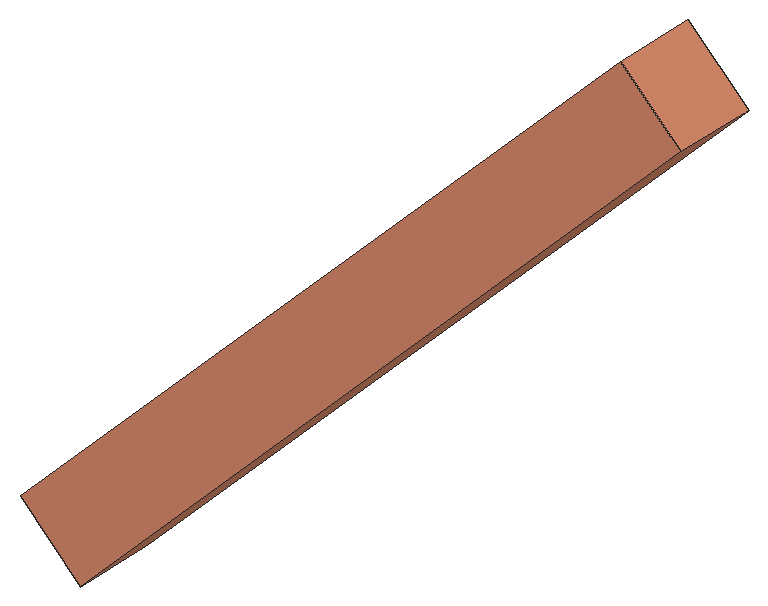
Revit family "盤サポート_等辺山形鋼 1", category Generic Models, Revit 2020
Family settings
  Can host rebar = No
  Round Connector Dimension = Use Diameter
  Part Type = Normal
  Work Plane-Based = Yes
  Always vertical = No
  Cut with Voids When Loaded = No
  Shared = No
  Room Calculation Point = No
Parameters (values of type "L 100 x 100")
  高さ = 100 mm
  長辺 [instance] = 長さ  # 1000 mm
  長さ [instance] = 1000 mm
  部屋名 = ""
  角度 [instance] = 45.00°
  Default Elevation = 1219.2 mm
  構造マテリアル = E403_盤サポート
  幅 = 100 mm
Types (18, lengths in mm): name | 高さ | 幅
  L 120 x 120 | 120 | 120
  L 130 x 130 | 130 | 130
  L 150 x 150 | 150 | 150
  L 175 x 175 | 175 | 175
  L 200 x 200 | 200 | 200
  L 25 x 25 | 25 | 25
  L 250 x 250 | 250 | 250
  L 30 x 30 | 30 | 30
  L 45 x 45 | 45 | 45
  L 50 x 50 | 50 | 50
  L 60 x 60 | 60 | 60
  L 65 x 65 | 65 | 65
  L 70 x 70 | 70 | 70
  L 75 x 75 | 75 | 75
  L 80 x 80 | 80 | 80
  L 90 x 90 | 90 | 90
  L 100 x 100 | 100 | 100
  L 40 x 40 | 40 | 40
Reference planes
  plane 1 "中心(正面/背面)": y = 0
  plane 2: z = 0
  plane 3 "中心(左/右)": x = 0
Lines and regions (mm)
  reference lines
    curve 1: line (0, 0, 0) -> (848.528, 0, 848.528)
    curve 2: line (35.355, 0, -35.355) -> (-35.355, 0, 35.355)
    curve 3: line (742.462, 0, 671.751) -> (671.751, 0, 742.462)
Dimensions and locks
  equal spacing: curve 2, curve 1, curve 2
  "高さ": curve 2 to curve 2
  equal spacing: curve 3, curve 1, curve 3
  "高さ": curve 3 to curve 3
  "長さ": curve 2 to curve 3
  "角度": angle level to curve 1
  angle curve 2 to curve 1 = 90.00°
  angle curve 3 to curve 1 = 90.00°
  aligned and locked: level to plane 2
  aligned and locked: level to curve 1
  aligned and locked: plane 3 "中心(左/右)" to curve 1
  aligned and locked: nested 1 to curve 1
Nested families
  nested 1: "グレーチング_等辺山形鋼" at (-35.355, 0, 35.355) x (0, 1, 0) z (0.7071, 0, -0.7071), 長さ <- "長さ", type "L 25 x 25"
    with 長辺 1000 mm, 長さ 1000 mm, 高さ 100 mm, 幅 100 mm
Definition of nested family "グレーチング_等辺山形鋼"
  Parameters (values of type "L 25 x 25")
    高さ = 25 mm
    長辺 [instance] = 長さ  # 1000 mm
    長さ [instance] = 1000 mm
    部屋名 = ""
    Default Elevation = 1219.2 mm
    構造マテリアル = none
    幅 = 25 mm
  Reference planes
    plane 1 "中心(正面/背面)": y = 0
    plane 2: z = 0
    plane 3 "中心(左/右)": x = 0
    plane 4: z = 12.5
    plane 5: z = 25
  Forms (mm)
    Extrusion 1, solid, material <- "構造マテリアル"
      sketch origin (0, 0, 0) x (1, 0, 0) y (0, 1, 0)
        loop
          line (-12.5, 1000) -> (-12.5, 0) -> (12.5, 0) -> (12.5, 1000) -> (-12.5, 1000)
      from 0 to 25
  Lines and regions (mm)
    reference lines
      curve 1: line (12.5, 1000, 0) -> (-12.5, 1000, 0)
      curve 2: line (12.5, 0, 0) -> (-12.5, 0, 0)
  Dimensions and locks
    "長さ": curve 1 to curve 2
    "幅": Extrusion 1 to Extrusion 1
    equal spacing: Extrusion 1, plane 3 "中心(左/右)", Extrusion 1
    "幅": curve 1 to curve 1
    equal spacing: curve 1, plane 3 "中心(左/右)", curve 1
    "幅": curve 2 to curve 2
    equal spacing: curve 2, plane 3 "中心(左/右)", curve 2
    equal spacing: plane 5, plane 4, level
    "高さ": plane 5 to level
    aligned and locked: level to plane 2
    aligned and locked: Extrusion 1 to curve 2
    aligned and locked: curve 1 to Extrusion 1
    aligned and locked: plane 5 to Extrusion 1
  Automatic sketch dimensions
    Extrusion 1 sketch curve to plane 3 "中心(左/右)" = 12.5 mm
    plane 3 "中心(左/右)" to Extrusion 1 sketch curve = 12.5 mm
    plane 1 "中心(正面/背面)" to Extrusion 1 sketch curve = 0 mm
    Extrusion 1 sketch curve to plane 1 "中心(正面/背面)" = 1000 mm
    plane 1 "中心(正面/背面)" to curve 2 = 0 mm
